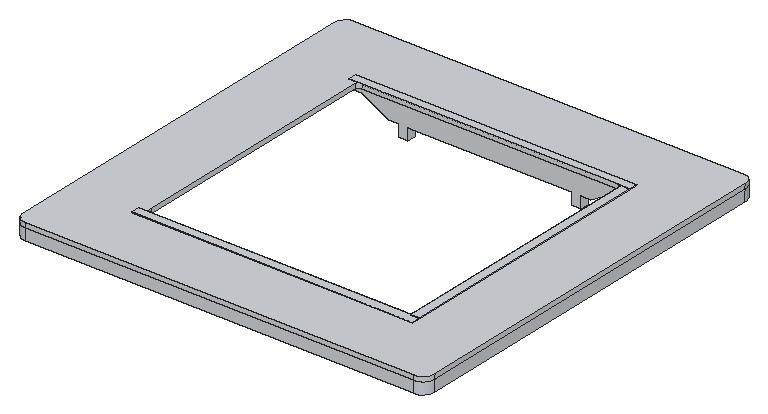
Revit family "Gira_0211255", category Electrical Fixtures, host Face, Revit 2017
Family settings
  Host = Face
  Maintain Annotation Orientation = No
  Round Connector Dimension = Use Diameter
  Part Type = Normal
  Cut with Voids When Loaded = No
  Shared = No
  Room Calculation Point = No
Parameters (values of type "Abdeckrahmen 1f flach Gira E2 F Alu")
  Werkstoffgüte = "Thermoplast"
  Werkstoff = "Kunststoff"
  URL = "http://katalog.gira.de/de_DE/datenblatt.html?artikelnr=0211255"
  Transparent = "No"
  Textfeld/Beschriftungsfläche = "No"
  Schutzart (IP) = "IP20"
  Region = "DE"
  Oberfläche = "sonstige"
  Name = "Abdeckrahmen 1f flach Gira E2 F Alu"
  Montagerichtung = "horizontal und vertikal"
  Mit Montagerahmen = "No"
  Mit Klappdeckel = "No"
  Manufacturer URL = "https://www.gira.de/"
  Keynote = "E2flach_Rahmen_1fach.stp"
  HeinzeBIM = "https://bimportal.heinze.de/bim/abdeckrahmen-1f-flach-gira-e2-f-alu/79ed67f94380177a658d410531412a482989862c"
  Halogenfrei = "Yes"
  HAN = "0211255"
  Geeignet für Unterputz-Installation = "Yes"
  Geeignet für Unterflurkanaldose = "No"
  Geeignet für Geräteeinbaukanal = "No"
  Geeignet für Einbauinstallation = "No"
  GTIN = "4010337021322"
  Farbe = "aluminium"
  Default Elevation = 1219.2 mm
  Data sheet (1) = "https://katalog.gira.de/de_DE/download.html?artikelnr=0211255"
  Category = "Abdeckrahmen"
  Befestigungsart = "Klemmbefestigung"
  Available = "Yes"
  Anzahl der Einheiten vertikal = "1 "
  Anzahl der Einheiten horizontal = "1 "
  Anzahl der Einheiten = "1 "
Reference planes
  plane 1 "Center (Front/Back)": y = 0
  plane 2: z = 0
  plane 3 "Center (Left/Right)": x = 0
Forms (mm)
  Extrusion 1, solid, detail levels fine
    sketch origin (0, 0, 0) x (1, 0, 0) y (0, 1, 0)
      loop
        arc (-41.4, 43.9) -> (-43.168, 43.168) -> (-43.9, 41.4) r 2.5
        line (-43.9, 41.4) -> (-43.9, -41.4)
        arc (-43.9, -41.4) -> (-43.168, -43.168) -> (-41.4, -43.9) r 2.5
        line (-41.4, -43.9) -> (41.4, -43.9)
        arc (41.4, -43.9) -> (43.168, -43.168) -> (43.9, -41.4) r 2.5
        line (43.9, -41.4) -> (43.9, 41.4)
        arc (43.9, 41.4) -> (43.168, 43.168) -> (41.4, 43.9) r 2.5
        line (41.4, 43.9) -> (-41.4, 43.9)
      loop
        spline (-28.144, -27.245) -> (-28.136, -27.363) -> (-28.113, -27.478) -> (-28.075, -27.589) -> (-28.023, -27.695) -> (-27.958, -27.792) -> (-27.881, -27.881) -> (-27.792, -27.958) -> (-27.695, -28.023) -> (-27.589, -28.075) -> (-27.478, -28.113) -> (-27.363, -28.136) -> (-27.245, -28.144)
        line (-27.245, -28.144) -> (27.245, -28.144)
        spline (27.245, -28.144) -> (27.363, -28.136) -> (27.478, -28.113) -> (27.589, -28.075) -> (27.695, -28.023) -> (27.792, -27.958) -> (27.881, -27.881) -> (27.958, -27.792) -> (28.023, -27.695) -> (28.075, -27.589) -> (28.113, -27.478) -> (28.136, -27.363) -> (28.144, -27.245)
        line (28.144, -27.245) -> (28.144, 27.245)
        spline (28.144, 27.245) -> (28.136, 27.363) -> (28.113, 27.478) -> (28.075, 27.589) -> (28.023, 27.695) -> (27.958, 27.792) -> (27.881, 27.881) -> (27.792, 27.958) -> (27.695, 28.023) -> (27.589, 28.075) -> (27.478, 28.113) -> (27.363, 28.136) -> (27.245, 28.144)
        line (27.245, 28.144) -> (-27.245, 28.144)
        spline (-27.245, 28.144) -> (-27.363, 28.136) -> (-27.478, 28.113) -> (-27.589, 28.075) -> (-27.695, 28.023) -> (-27.792, 27.958) -> (-27.881, 27.881) -> (-27.958, 27.792) -> (-28.023, 27.695) -> (-28.075, 27.589) -> (-28.113, 27.478) -> (-28.136, 27.363) -> (-28.144, 27.245)
        line (-28.144, 27.245) -> (-28.144, -27.245)
    from 2.5 to 3.4
  Extrusion 2, solid, detail levels fine
    sketch origin (0, 0, 0) x (1, 0, 0) y (0, 1, 0)
      loop
        arc (-41.4, 43.9) -> (-43.168, 43.168) -> (-43.9, 41.4) r 2.5
        line (-43.9, 41.4) -> (-43.9, -41.4)
        arc (-43.9, -41.4) -> (-43.168, -43.168) -> (-41.4, -43.9) r 2.5
        line (-41.4, -43.9) -> (41.4, -43.9)
        arc (41.4, -43.9) -> (43.168, -43.168) -> (43.9, -41.4) r 2.5
        line (43.9, -41.4) -> (43.9, 41.4)
        arc (43.9, 41.4) -> (43.168, 43.168) -> (41.4, 43.9) r 2.5
        line (41.4, 43.9) -> (-41.4, 43.9)
      loop
        arc (-41.4, 43.4) -> (-42.814, 42.814) -> (-43.4, 41.4) r 2
        line (-43.4, 41.4) -> (-43.4, -41.4)
        arc (-43.4, -41.4) -> (-42.814, -42.814) -> (-41.4, -43.4) r 2
        line (-41.4, -43.4) -> (41.4, -43.4)
        arc (41.4, -43.4) -> (42.814, -42.814) -> (43.4, -41.4) r 2
        line (43.4, -41.4) -> (43.4, 41.4)
        arc (43.4, 41.4) -> (42.814, 42.814) -> (41.4, 43.4) r 2
        line (41.4, 43.4) -> (-41.4, 43.4)
    from 0 to 2.5
  Extrusion 3, solid, detail levels fine
    sketch origin (0, 0, 0) x (1, 0, 0) y (0, 0, 1)
      loop
        line (-17.5, -4.06) -> (-17.5, -1.56) -> (17.5, -1.56) -> (17.5, -4.06) -> (19.5, -4.06) -> (19.5, -1.56) -> (21.654, -1.56) -> (27.214, 1.65) -> (30, 1.65) -> (30, 3.4) -> (-30, 3.4) -> (-30, 1.65) -> (-27.214, 1.65) -> (-21.654, -1.56) -> (-19.5, -1.56) -> (-19.5, -4.06) -> (-17.5, -4.06)
    from 28.144 to 30
  Extrusion 4, solid, detail levels fine
    sketch origin (0, 0, 0) x (0, -1, 0) y (0, 0, -1)
      loop
        line (-17.5, 4.06) -> (-19.5, 4.06) -> (-19.5, 1.56) -> (-21.654, 1.56) -> (-27.214, -1.65) -> (-28.144, -1.65) -> (-28.144, -3.4) -> (28.144, -3.4) -> (28.144, -1.65) -> (27.214, -1.65) -> (21.654, 1.56) -> (19.5, 1.56) -> (19.5, 4.06) -> (17.5, 4.06) -> (17.5, 1.56) -> (-17.5, 1.56) -> (-17.5, 4.06)
    from 28.144 to 30
  Extrusion 5, solid, detail levels medium
    sketch origin (0, 0, 0) x (0, -1, 0) y (0, 0, 1)
      loop
        line (-17.5, -4.06) -> (-17.5, -1.56) -> (17.5, -1.56) -> (17.5, -4.06) -> (19.5, -4.06) -> (19.5, -1.56) -> (28.144, -1.56) -> (28.144, 3.4) -> (-28.144, 3.4) -> (-28.144, -1.56) -> (-19.5, -1.56) -> (-19.5, -4.06) -> (-17.5, -4.06)
    from 28.144 to 30
  Extrusion 6, solid, detail levels fine
    sketch origin (0, 0, 0) x (1, 0, 0) y (0, 0, -1)
      loop
        line (-17.5, 4.06) -> (-19.5, 4.06) -> (-19.5, 1.56) -> (-21.654, 1.56) -> (-27.214, -1.65) -> (-30, -1.65) -> (-30, -3.4) -> (30, -3.4) -> (30, -1.65) -> (27.214, -1.65) -> (21.654, 1.56) -> (19.5, 1.56) -> (19.5, 4.06) -> (17.5, 4.06) -> (17.5, 1.56) -> (-17.5, 1.56) -> (-17.5, 4.06)
    from 28.144 to 30
  Extrusion 7, solid, detail levels coarse
    sketch origin (0, 0, 0) x (1, 0, 0) y (0, 1, 0)
      loop
        line (-43.9, 43.9) -> (-43.9, -43.9) -> (43.9, -43.9) -> (43.9, 43.9) -> (-43.9, 43.9)
    from -4.06 to 3.4
  Extrusion 8, solid, detail levels medium
    sketch origin (0, 0, 0) x (1, 0, 0) y (0, 1, 0)
      loop
        line (-43.9, 43.9) -> (-43.9, -43.9) -> (43.9, -43.9) -> (43.9, 43.9) -> (-43.9, 43.9)
    from 0 to 3.4
  Extrusion 9, solid, detail levels medium
    sketch origin (0, 0, 0) x (1, 0, 0) y (0, 0, 1)
      loop
        line (-17.5, -4.06) -> (-17.5, -1.56) -> (17.5, -1.56) -> (17.5, -4.06) -> (19.5, -4.06) -> (19.5, -1.56) -> (30, -1.56) -> (30, 3.4) -> (-30, 3.4) -> (-30, -1.56) -> (-19.5, -1.56) -> (-19.5, -4.06) -> (-17.5, -4.06)
    from 28.144 to 30
  Extrusion 10, solid, detail levels medium
    sketch origin (0, 0, 0) x (1, 0, 0) y (0, 0, -1)
      loop
        line (-17.5, 4.06) -> (-19.5, 4.06) -> (-19.5, 1.56) -> (-30, 1.56) -> (-30, -3.4) -> (30, -3.4) -> (30, 1.56) -> (19.5, 1.56) -> (19.5, 4.06) -> (17.5, 4.06) -> (17.5, 1.56) -> (-17.5, 1.56) -> (-17.5, 4.06)
    from 28.144 to 30
  Extrusion 11, solid, detail levels medium
    sketch origin (0, 0, 0) x (0, -1, 0) y (0, 0, -1)
      loop
        line (-17.5, 4.06) -> (-19.5, 4.06) -> (-19.5, 1.56) -> (-28.144, 1.56) -> (-28.144, -3.4) -> (28.144, -3.4) -> (28.144, 1.56) -> (19.5, 1.56) -> (19.5, 4.06) -> (17.5, 4.06) -> (17.5, 1.56) -> (-17.5, 1.56) -> (-17.5, 4.06)
    from 28.144 to 30
Dimensions and locks
  aligned and locked: plane 2 to host face
  aligned and locked: level to host face
